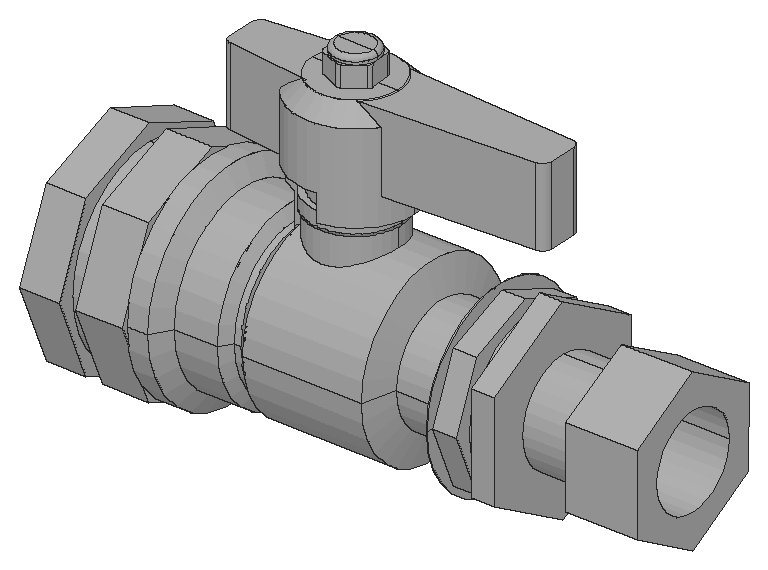
Revit family "QS25170000", category Apparecchi idraulici, Revit 2016
Family settings
  Tipo di parte = Normale
  Quota connettore circolare = Usa diametro
  Numero OmniClass = 23.45.00.00
  Titolo OmniClass = Sanitary, Laundry, and Cleaning Equipment
  Basato su piano di lavoro = No
  Sempre verticale = Sì
  Taglio con vuoti quando caricato = No
  Condiviso = No
  Punto di calcolo locali = No
Parameters
  URL = "https://web.cimberio.it/index.php/figura/993?subcategoria_id=43550"
  Produttore = "CIMBERIO SPA"
  Modello = "Cim 494OT"
  DN  Model [instance] = QS25175038 : QS25175038
  DN [instance] = 20 mm  # constant formula
Reference planes
  plane 1 "Centro (Fronte/Retro)": y = 0
  plane 2: z = 0
  plane 3 "Centro (Sinistra/Destra)": x = 0
Dimensions and locks
  aligned and locked: level to plane 2
Nested families
  nested 1: "QS25175038" at (0, 0, 0), type <- "DN  Model", type "QS25175038"
  nested 2: "QS25175038" at (0, 0, 0), type <- "DN  Model", type "QS25175038"
Connectors
  piping at (73.4, 0, 0), diameter 20, driven by "DN"
    settings: on nested 1, index 1, connector inside diameter 609.6 mm, connector length 0 mm, flow factor 0, pipe flow 0.0 L/s, pressure drop 0.0 Pa, fitting loss kfactor 0, connector angle 0.00°, fixture units 0, engagement length 0 mm, angle of deflection 0.00°, flow configuration 0, flow direction 0, fitting loss method 0, system type 7, joint type 0, gender type 0, connector reference index -1, connector utility 0, adjustable connector no, is connector primary yes, connector description ""
  piping at (-53.371, 0, 0), diameter 20, driven by "DN"
    settings: on nested 1, index 2, connector inside diameter 609.6 mm, connector length 0 mm, flow factor 0, pipe flow 0.0 L/s, pressure drop 0.0 Pa, fitting loss kfactor 0, connector angle 0.00°, fixture units 0, engagement length 0 mm, angle of deflection 0.00°, flow configuration 0, flow direction 0, fitting loss method 0, system type 7, joint type 0, gender type 0, connector reference index -1, connector utility 0, adjustable connector no, is connector primary no, connector description ""
Definition of nested family "QS25175038"
  Parameters (values of type "QS25175038")
    Model = "QD40403139"
    DN [instance] = "3/4\""
  Reference planes
    plane 1 "Centro (Fronte/Retro)": y = 0
    plane 2: z = 0
    plane 3 "Centro (Sinistra/Destra)": x = 0
  Forms (mm)
    Revolve 1, solid
      sketch origin (0, 0, 0) x (1, 0, 0) y (0, 0, 1)
        loop
          line (0.063, 27.3) -> (0.063, 11.623) -> (9.5, 11.623) -> (9.5, 23.5)
          arc (9.5, 23.5) -> (9.863, 23.794) -> (10, 24.242) r 0.8
          line (10, 24.242) -> (10, 27.3) -> (0.063, 27.3)
        axis (0.063, 11.623) -> (0.063, 27.3)
      angle from 0 to 360
    Revolve 2, solid
      sketch origin (0, 0, 0) x (1, 0, 0) y (0, 0, 1)
        loop
          line (0, 30.531) -> (-6.985, 30.531) -> (-6.985, 27.3) -> (0, 27.3) -> (0, 30.531)
        axis (0, 30.531) -> (0, 27.3)
      angle from 0 to 360
    Revolve 3, solid
      sketch origin (0, 0, 4.063) x (1, 0, 0) y (0, 0, 1)
        loop
          line (0, 45.8) -> (-9.25, 45.8) -> (-12.882, 42.168) -> (-12.882, 22.875) -> (-7.25, 22.875) -> (-7.25, 38.318) -> (0, 38.318) -> (0, 45.8)
        axis (0, 45.8) -> (0, 22.875)
      angle from 0 to 360
    Revolve 4, solid
      sketch origin (0, 0, 4) x (1, 0, 0) y (0, 0, 1)
        loop
          line (0, 51.8) -> (0, 50.016) -> (4.75, 50.016) -> (4.75, 50.8)
          arc (4.75, 50.8) -> (4.457, 51.507) -> (3.75, 51.8) r 1
          line (3.75, 51.8) -> (0, 51.8)
        axis (0, 51.8) -> (0, 50.016)
      angle from 0 to 360
    Extrusion 5, solid
      sketch origin (0, 0, 32.55) x (0.939034, -0.343825, 0) y (0.343825, 0.939034, 0)
        loop
          line (5.501, 0.127) -> (3.472, 4.287)
          arc (3.472, 4.287) -> (3.145, 4.663) -> (2.674, 4.825) r 0.962
          line (2.674, 4.825) -> (-1.937, 5.147)
          arc (-1.937, 5.147) -> (-2.461, 5.045) -> (-2.864, 4.695) r 1.032
          line (-2.864, 4.695) -> (-5.424, 0.899)
          arc (-5.424, 0.899) -> (-5.599, 0.392) -> (-5.496, -0.136) r 1.038
          line (-5.496, -0.136) -> (-3.479, -4.272)
          arc (-3.479, -4.272) -> (-3.142, -4.659) -> (-2.657, -4.826) r 0.991
          line (-2.657, -4.826) -> (1.958, -5.149)
          arc (1.958, -5.149) -> (2.463, -5.05) -> (2.852, -4.713) r 0.994
          line (2.852, -4.713) -> (5.429, -0.891)
          arc (5.429, -0.891) -> (5.601, -0.392) -> (5.501, 0.127) r 1.021
      from 17.25 to 21.75
    Extrusion 6, void
      sketch origin (0, 0, 32.613) x (1, 0, 0) y (0, 1, 0)
        loop
          line (-8.367, 1.5) -> (-14.411, 1.5)
          arc (-14.411, 1.5) -> (-10.156, -10.334) -> (1.75, -14.383) r 14.489
          line (1.75, -14.383) -> (1.75, -8.318)
          arc (1.75, -8.318) -> (-5.92, -6.1) -> (-8.367, 1.5) r 8.5
      from -6.445 to 0.25
    Revolve 7, solid
      sketch origin (0, 0, 0) x (1, 0, 0) y (0, 0, 1)
        loop
          line (58.237, 11.1) -> (44.567, 11.1) -> (44.567, 10) -> (58.237, 10) -> (58.237, 11.1)
        axis (44.567, 0) -> (58.237, 0)
      angle from 0 to 360
    Extrusion 8, solid
      sketch origin (10, 0, 0) x (0, 1, 0) y (0, 0, 1)
        loop
          circle (0, 0) r 10
        loop
          line (0, 17.4) -> (-15.069, 8.7) -> (-15.069, -8.7) -> (0, -17.4) -> (15.069, -8.7) -> (15.069, 8.7) -> (0, 17.4)
      from 47.9 to 63.4
    Extrusion 9, solid
      sketch origin (0, 0, 0) x (1, 0, 0) y (0, 0, 1)
        loop
          line (-14, 31.3) -> (-14, 24.655) -> (-12, 23.5) -> (-12, 10.345) -> (-7.86, 10.345) -> (-7.86, 31.3) -> (-14, 31.3)
      from -1.5 to 1.5
    Revolve 10, solid
      sketch origin (0, 0, 0) x (1, 0, 0) y (0, 1, 0)
        loop
          line (-31, 10) -> (31.792, 10) -> (31.792, 20.15)
          arc (31.792, 20.15) -> (31.383, 19.93) -> (31.232, 19.491) r 0.636
          line (31.232, 19.491) -> (29.358, 12.5) -> (18.777, 12.5) -> (16.901, 19.5) -> (-8.943, 19.5) -> (-11.5, 16.934) -> (-13.002, 16.934) -> (-14.443, 19.5) -> (-24.021, 19.5) -> (-26.33, 23.5) -> (-31, 23.5) -> (-31, 10)
        axis (-31, 0) -> (31.792, 0)
      angle from 0 to 360
    Extrusion 11, solid
      sketch origin (-11, 0, 0) x (0, 0, 1) y (0, 1, 0)
        loop
          circle (0, 0) r 10
        loop
          line (24.7, 0) -> (17.466, 17.466) -> (0, 24.7) -> (-17.466, 17.466) -> (-24.7, 0) -> (-17.466, -17.466) -> (0, -24.7) -> (17.466, -17.466) -> (24.7, 0)
      from 20 to 30.1
    Revolve 12, solid
      sketch origin (0, 0, 0) x (1, 0, 0) y (0, 0, 1)
        loop
          line (-44.923, 21) -> (-44.923, 10) -> (-41.1, 10) -> (-41.1, 21) -> (-44.923, 21)
        axis (-44.923, 0) -> (-41.1, 0)
      angle from 0 to 360
    Extrusion 13, solid
      sketch origin (-11, 0, 0) x (0, 0, 1) y (0, 1, 0)
        loop
          circle (0, 0) r 10
        loop
          line (24.5, 0) -> (17.324, 17.324) -> (0, 24.5) -> (-17.324, 17.324) -> (-24.5, 0) -> (-17.324, -17.324) -> (0, -24.5) -> (17.324, -17.324) -> (24.5, 0)
      from 33.871 to 42.371
    Extrusion 14, solid
      sketch origin (0, 0, 0) x (0, 1, 0) y (0, 0, 1)
        loop
          circle (0, 0) r 10
        loop
          line (0, 18.95) -> (-13.4, 13.4) -> (-18.95, 0) -> (-13.4, -13.4) -> (0, -18.95) -> (13.4, -13.4) -> (18.95, 0) -> (13.4, 13.4) -> (0, 18.95)
      from 31.792 to 37.1
    Revolve 15, solid
      sketch origin (0, 0, 0) x (1, 0, 0) y (0, 0, 1)
        loop
          line (40.163, 16.5) -> (38.1, 16.5) -> (38.1, 13.125) -> (37.1, 13.125) -> (37.1, 10) -> (40.163, 10) -> (40.163, 16.5)
        axis (37.1, 0) -> (40.163, 0)
      angle from 0 to 360
    Extrusion 16, solid
      sketch origin (0, 0, 0) x (0, 1, 0) y (0, 0, 1)
        loop
          circle (0, 0) r 10
        loop
          line (0, 21.25) -> (-18.403, 10.625) -> (-18.403, -10.625) -> (0, -21.25) -> (18.403, -10.625) -> (18.403, 10.625) -> (0, 21.25)
      from 40.1 to 45.1
    Extrusion 17, solid
      sketch origin (0, 0, 28.55) x (1, 0, 0) y (0, 1, 0)
        loop
          arc (-23.214, 5) -> (-24.488, 4.348) -> (-25, 3.011) r 2
          line (-25, 3.011) -> (-25, -3.011)
          arc (-25, -3.011) -> (-24.488, -4.348) -> (-23.214, -5) r 2
          line (-23.214, -5) -> (0, -7.5) -> (43.116, -5)
          arc (43.116, -5) -> (44.455, -4.376) -> (45, -3.003) r 2
          line (45, -3.003) -> (45, 3.003)
          arc (45, 3.003) -> (44.455, 4.376) -> (43.116, 5) r 2
          line (43.116, 5) -> (0, 7.5) -> (-23.214, 5)
      from 4.312 to 21.25
  Cuts and joins
    Extrusion 6 cuts Revolve 3
  Dimensions and locks
    aligned and locked: level to plane 2
